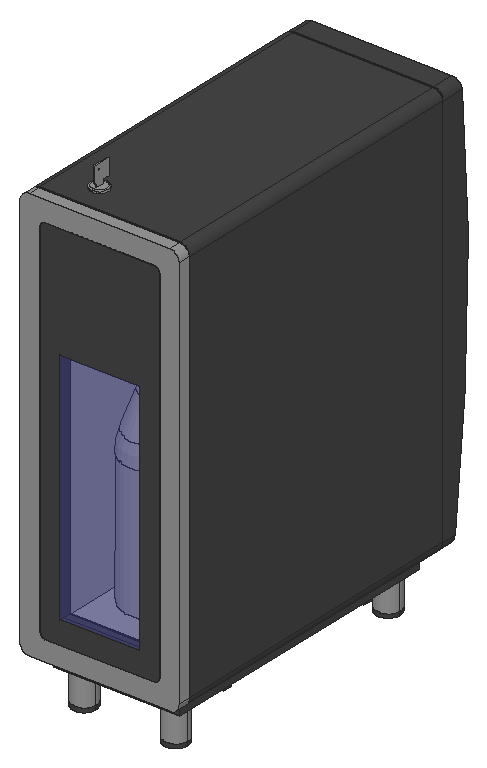
Revit family "Franke_Flavor_Station_FS3-A600_FM_EC_A600_FM_CM_A800_FM_EC(EU,CH,GB)", category Specialty Equipment, Revit 2015
Parameters (values of type "Flavor Station FS3-A600 FM EC,A600 FM CM,A800 FM EC(220-240V/anthracite/EU,CH,GB)")
  Watts max. = 0 W
  Volts max. = 240 V
  URL = "https://www.franke.com/main/en/cs/products/product-search.html"
  Depth (mm) = 452 mm
  Volts min. = 220 V
  Max Overcurrent Protection = "-"
  Cycle Alternative = 60 Hz
  Cycle = 50 Hz
  Model = "410888 - Flavor Station FS3-A600 FM EC, A600 FM CM, A800 FM EC"
  Watts min. = 0 W
  Cost = 0
  Capacity = "up to 3 bottles"
  Height (mm) = 544 mm
  Manufacturer = "Franke"
  Energy loss acc. to DIN 18873 = "-"
  Width (mm) = 200 mm
  Description = "key module Flavor Station enables the automated and constant dosing of syrup in the coffee / milk"
  Assembly Code = "key module Flavor Station"
  Keynote = "key module Flavor Station"
  Weight = "17 kg"
  Number of Poles = 1
  Number of Protective Conductors = "1"
  Number of Nutral Conductors = "1"
  Frontcover = Franke Anthracite
Types (3, lengths in mm): name | Frontcover
  (no name) | Franke Anthracite
  Flavor Station FS3-A600 FM EC,A600 FM CM,A800 FM EC(220-240V/black line/EU,CH,GB) | Franke Black
  Flavor Station FS3-A600 FM EC,A600 FM CM,A800 FM EC(220-240V/anthracite/EU,CH,GB) | Franke Anthracite
Reference planes
  plane 1 "Mitte (Vorne/Hinten)": y = 0
  plane 2: z = 0
  plane 3 "Mitte (Links/Rechts)": x = 0
Forms (mm)
  Revolve 1, solid, material "Franke Glass (coloured)"
    sketch origin (0, -122.422, 0) x (1, 0, 0) y (0, 0, 1)
      loop
        line (0, 119) -> (42.5, 119) -> (42.5, 285)
        arc (42.5, 285) -> (41.359, 298.689) -> (37.969, 312) r 82.717
        arc (37.969, 312) -> (30.026, 334.024) -> (21.951, 356) r 3887.726
        arc (21.951, 356) -> (18.197, 369.268) -> (16.953, 383) r 74.483
        line (16.953, 383) -> (0, 383) -> (0, 119)
      axis (0, 119) -> (0, 383)
    angle from 0 to 360
  Revolve 2, solid, material "Franke Coloured plastic"
    sketch origin (0, -122.422, 0) x (1, 0, 0) y (0, 0, 1)
      loop
        line (0, 383) -> (16.953, 383) -> (16.953, 417) -> (0, 417) -> (0, 383)
      axis (0, 383) -> (0, 417)
    angle from 0 to 360
  Extrusion 3, solid, material "Franke Anthracite" <- "Frontcover"
    sketch origin (0, 0, 0) x (1, 0, 0) y (0, 0, 1)
      loop
        line (88, 585) -> (-88, 585)
        arc (-88, 585) -> (-96.485, 581.485) -> (-100, 573) r 12
        line (-100, 573) -> (-100, 77)
        arc (-100, 77) -> (-96.485, 68.515) -> (-88, 65) r 12
        line (-88, 65) -> (-85, 65) -> (85, 65) -> (88, 65)
        arc (88, 65) -> (96.485, 68.515) -> (100, 77) r 12
        line (100, 77) -> (100, 573)
        arc (100, 573) -> (96.485, 581.485) -> (88, 585) r 12
      loop
        arc (67, 90) -> (72.657, 92.343) -> (75, 98) r 8
        line (75, 98) -> (75, 552)
        arc (75, 552) -> (72.657, 557.657) -> (67, 560) r 8
        line (67, 560) -> (-67, 560)
        arc (-67, 560) -> (-72.657, 557.657) -> (-75, 552) r 8
        line (-75, 552) -> (-75, 98)
        arc (-75, 98) -> (-72.657, 92.343) -> (-67, 90) r 8
        line (-67, 90) -> (67, 90)
    from 199.53 to 214.53
  Extrusion 4, solid, material "Franke Black"
    sketch origin (0, 0, 0) x (1, 0, 0) y (0, 0, 1)
      loop
        arc (-67, 560) -> (-72.657, 557.657) -> (-75, 552) r 8
        line (-75, 552) -> (-75, 98)
        arc (-75, 98) -> (-72.657, 92.343) -> (-67, 90) r 8
        line (-67, 90) -> (67, 90)
        arc (67, 90) -> (72.657, 92.343) -> (75, 98) r 8
        line (75, 98) -> (75, 552)
        arc (75, 552) -> (72.657, 557.657) -> (67, 560) r 8
        line (67, 560) -> (-67, 560)
      loop
        line (-50, 417) -> (-50, 119) -> (50, 119) -> (50, 417) -> (-50, 417)
    from 199.53 to 214.53
  Extrusion 5, solid, material "Franke Glass"
    sketch origin (0, 0, 0) x (1, 0, 0) y (0, 0, 1)
      loop
        line (-50, 417) -> (-50, 119) -> (50, 119) -> (50, 417) -> (-50, 417)
    from 209.53 to 214.53
  Extrusion 6, solid, material "Franke Black"
    sketch origin (0, 0, 0) x (1, 0, 0) y (0, 0, 1)
      loop
        line (88, 585) -> (-88, 585)
        arc (-88, 585) -> (-96.485, 581.485) -> (-100, 573) r 12
        line (-100, 573) -> (-100, 77)
        arc (-100, 77) -> (-96.485, 68.515) -> (-88, 65) r 12
        line (-88, 65) -> (-85, 65) -> (85, 65) -> (88, 65)
        arc (88, 65) -> (96.485, 68.515) -> (100, 77) r 12
        line (100, 77) -> (100, 573)
        arc (100, 573) -> (96.485, 581.485) -> (88, 585) r 12
    from -198.03 to 198.03
  Extrusion 7, void
    sketch origin (0, 0, 0) x (1, 0, 0) y (0, 0, 1)
      loop
        line (-55, 422) -> (-55, 114) -> (55, 114) -> (55, 422) -> (-55, 422)
    from 4.53 to 267.821
  Extrusion 8, solid, material "Franke Black"
    sketch origin (0, 0, 0) x (0, 1, 0) y (0, 0, 1)
      loop
        line (186.97, 65) -> (-188.03, 65) -> (-188.03, 45) -> (186.97, 45) -> (186.97, 65)
    from -79 to 79
  Extrusion 9, solid, material "Franke Black"
    sketch origin (0, 0, 0) x (0, 1, 0) y (0, 0, 1)
      loop
        line (199.53, 585) -> (199.53, 65) -> (216.03, 65)
        arc (216.03, 65) -> (224.982, 150.997) -> (233.478, 237.039) r 16328.175
        arc (233.478, 237.039) -> (233.864, 241.879) -> (234.093, 246.728) r 150
        arc (234.093, 246.728) -> (236.227, 326.074) -> (237.701, 405.435) r 9548.581
        arc (237.701, 405.435) -> (237.699, 406.999) -> (237.648, 408.563) r 50
        arc (237.648, 408.563) -> (233.118, 496.797) -> (228.03, 585) r 14002.549
        line (228.03, 585) -> (199.53, 585)
    from -100 to 100
  Extrusion 10, void
    sketch origin (0, 0, 0) x (1, 0, 0) y (0, 0, 1)
      loop
        line (-88, 585) -> (-88, 595) -> (-110, 595) -> (-110, 573) -> (-100, 573)
        arc (-100, 573) -> (-96.485, 581.485) -> (-88, 585) r 12
      loop
        arc (88, 585) -> (96.485, 581.485) -> (100, 573) r 12
        line (100, 573) -> (110, 573) -> (110, 595) -> (88, 595) -> (88, 585)
      loop
        arc (-88, 65) -> (-96.485, 68.515) -> (-100, 77) r 12
        line (-100, 77) -> (-110, 77) -> (-110, 55) -> (-88, 55) -> (-88, 65)
      loop
        line (88, 65) -> (88, 55) -> (110, 55) -> (110, 77) -> (100, 77)
        arc (100, 77) -> (96.485, 68.515) -> (88, 65) r 12
    from -305.226 to 299.817
  Revolve 11, solid, material "Franke Chrome"
    sketch origin (-42, 0, 0) x (0, 1, 0) y (0, 0, 1)
      loop
        line (-162.53, 588) -> (-172.563, 588)
        arc (-172.563, 588) -> (-173.27, 587.707) -> (-173.563, 587) r 1
        line (-173.563, 587) -> (-173.563, 585) -> (-162.53, 585) -> (-162.53, 588)
      axis (-162.53, 588) -> (-162.53, 585)
    angle from 0 to 360
  Extrusion 12, solid, material "Franke Chrome"
    sketch origin (0, 0, 0) x (1, 0, 0) y (0, 1, 0)
      loop
        circle (57.5, -167.03) r 15
      loop
        circle (57.5, 166.47) r 15
      loop
        circle (-57.5, -167.03) r 15
      loop
        circle (-57.5, 166.47) r 15
    from 5 to 45
  Extrusion 13, solid, material "Franke Black"
    sketch origin (0, 0, 10) x (0, -1, 0) y (1, 0, 0)
      loop
        circle (167.03, -57.5) r 15
      loop
        circle (-166.47, -57.5) r 15
      loop
        circle (167.03, 57.5) r 15
      loop
        circle (-166.47, 57.5) r 15
    from -10 to -5
  Extrusion 14, solid, material "Franke Black"
    sketch origin (0, 0, 0) x (1, 0, 0) y (0, 1, 0)
      loop
        line (-76.6, 116.47) -> (-76.6, 104.47) -> (-62.6, 104.47) -> (-62.6, 116.47) -> (-76.6, 116.47)
      loop
        line (-76.6, -104.03) -> (-76.6, -116.03) -> (-62.6, -116.03) -> (-62.6, -104.03) -> (-76.6, -104.03)
      loop
        line (76.6, 116.47) -> (62.6, 116.47) -> (62.6, 104.47) -> (76.6, 104.47) -> (76.6, 116.47)
      loop
        line (76.6, -104.03) -> (62.6, -104.03) -> (62.6, -116.03) -> (76.6, -116.03) -> (76.6, -104.03)
    from 40 to 45
  Extrusion 15, solid, material "Franke internal space FS3"
    sketch origin (0, 0, 0) x (1, 0, 0) y (0, 0, 1)
      loop
        line (55, 422) -> (-55, 422) -> (-55, 114) -> (55, 114) -> (55, 422)
      loop
        line (50, 417) -> (-50, 417) -> (-50, 119) -> (50, 119) -> (50, 417)
    from 0 to 198.03
  Extrusion 16, solid
    sketch origin (0, 0, 0) x (1, 0, 0) y (0, 0, 1)
      loop
        line (-90, 75) -> (90, 75) -> (90, 575) -> (-90, 575) -> (-90, 75)
      loop
        line (55, 422) -> (-55, 422) -> (-55, 114) -> (55, 114) -> (55, 422)
    from 198.03 to 199.53
  Extrusion 17, solid
    sketch origin (0, 397.56, 0) x (1, 0, 0) y (0, 0, 1)
      loop
        line (-90, 75) -> (90, 75) -> (90, 575) -> (-90, 575) -> (-90, 75)
    from 198.03 to 199.53
  Extrusion 18, solid, material "Franke Chrome"
    sketch origin (0, 0, 0) x (0, 1, 0) y (0, 0, 1)
      loop
        arc (-169.199, 613) -> (-169.907, 612.707) -> (-170.199, 612) r 1
        line (-170.199, 612) -> (-170.199, 594)
        arc (-170.199, 594) -> (-169.907, 593.293) -> (-169.199, 593) r 1
        line (-169.199, 593) -> (-167.163, 593) -> (-167.163, 588) -> (-157.898, 588) -> (-157.898, 593) -> (-149.885, 593)
        arc (-149.885, 593) -> (-149.178, 593.293) -> (-148.885, 594) r 1
        line (-148.885, 594) -> (-148.885, 612)
        arc (-148.885, 612) -> (-149.178, 612.707) -> (-149.885, 613) r 1
        line (-149.885, 613) -> (-169.199, 613)
      loop
        circle (-164.449, 607.092) r 2
    from -43 to -41
  Extrusion 19, solid, material "Franke Chrome"
    sketch origin (0, 0, 0) x (1, 0, 0) y (0, 1, 0)
      loop
        circle (0, 147.268) r 2.5
    from 40 to 45
Cuts and joins
  Extrusion 10 cuts Extrusion 9
  Extrusion 7 cuts Extrusion 6
Dimensions and locks
  aligned and locked: level to plane 2
Connectors
  electrical at (0, 147.268, 40), driven by "Volts min.", driven by "Number of Poles"
    settings: on Extrusion 19, index 1, voltage 220 V, apparent load 0 VA, apparent load phase1 0 VA, apparent load phase2 0 VA, apparent load phase3 0 VA, power factor 1, load classification "Strom", number of poles 1, system type 31, power factor state 1, is connector primary yes, connector utility no, sub classification motor no, connector description ""
